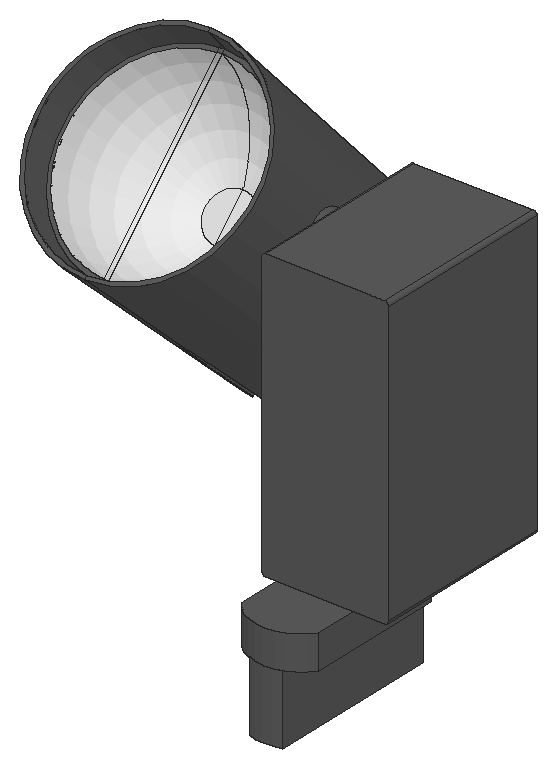
Revit family "0004839 Feilo Sylvania Lighting Fixture START TRACK SPOT S 24W 3K RA80 MB BLACK", category Lighting Fixtures, host Face, Revit 2017 (continued)
Definition of nested family "Start Track Spot Head"
  Types (96, lengths in mm): name | Wattage | built-in parameter 1150134 | Photometric Web File | Model | built-in parameter 1150105 | Lumens | built-in parameter 1150107 | built-in parameter 1150106 | HeadThickness_FEILO | HeadRibOffset_FEILO | HeadRibDepth_FEILO | HeadRibCutWidth_FEILO | HeadRibCutOffset_FEILO | HeadReflectorRadius_FEILO | HeadReflectorOffset_FEILO | HeadLEDRadius_FEILO | HeadHeight_FEILO | HeadDiffusorOffset_FEILO | HeadDiaOut_FEILO | HeadDiaIn_FEILO | HeadAxisFromTop_FEILO | Emit from Circle Diameter | built-in parameter 1150104 | Description | Apparent Load
    0004864 START TRACK SPOT S 24W 3K RA90 WB WHITE | 24 W | (empty or 0) | "0004864.ies" | "START TRACK SPOT S 24W 3K RA90 WB WHITE" | 152.79 (stored number, unit not read) | 1920 lm | 3000 (stored number, unit not read) | 1.5279 (stored number, unit not read) | 1.5 | 4.179 | 55.714 | 7.167 | 50.87 | 50.588 | 55.714 | 9.556 | 117 | 9.435 | 86 | 77.477 | 69.354 | 77.477 | 7.4322 (stored number, unit not read) | "Integrated LED spotlight, Textured White - RAL9016, compact and minimalist design, ideal for retail applications, die-cast aluminium body, passive cooling heatsink. Beam angle: 64°, color temperature: 3000K , total system power: 24W, total fixture output: 1928 lm, LOR: 100%, colour rendering: Ra: 90 typical, LED Chromaticity: 3 step MacAdam ellipse, lifetime: >50000 hours at L70B50, energy class: A++, A+, A, IR/UV free light source without heat radiation, operating voltage: 220-240V / 50-60Hz, drive current: 600mA, electronic driver, non-dimmable, power factor: 0.95, electrical protection: Class II, Global Track 3 Phase adapter suitable for Global trac 3-circuit tracks, ingress protection rating: IP20, suitable for internal environment only, horizontal rotation: 355°, vertical tilt: 90°, dimensions: Ø86x140x200, weight: 0.966kg." | 24 VA
    0004863 START TRACK SPOT S 24W 3K RA90 MB WHITE | 24 W | (empty or 0) | "0004863.ies" | "START TRACK SPOT S 24W 3K RA90 MB WHITE" | 154.7 (stored number, unit not read) | 1944 lm | 3000 (stored number, unit not read) | 1.547 (stored number, unit not read) | 1.5 | 4.179 | 55.714 | 7.167 | 50.87 | 50.588 | 55.714 | 9.556 | 117 | 9.435 | 86 | 77.477 | 69.354 | 77.477 | 7.5251 (stored number, unit not read) | "Integrated LED spotlight, Textured White - RAL9016, compact and minimalist design, ideal for retail applications, die-cast aluminium body, passive cooling heatsink. Beam angle: 36°, color temperature: 3000K , total system power: 24W, total fixture output: 1944 lm, LOR: 100%, colour rendering: Ra: 90 typical, LED Chromaticity: 3 step MacAdam ellipse, lifetime: >50000 hours at L70B50, energy class: A++, A+, A, IR/UV free light source without heat radiation, operating voltage: 220-240V / 50-60Hz, drive current: 600mA, electronic driver, non-dimmable, power factor: 0.95, electrical protection: Class II, Global Track 3 Phase adapter suitable for Global trac 3-circuit tracks, ingress protection rating: IP20, suitable for internal environment only, horizontal rotation: 355°, vertical tilt: 90°, dimensions: Ø86x140x200, weight: 0.966kg." | 24 VA
    0004862 START TRACK SPOT S 24W 3K RA90 NB WHITE | 24 W | (empty or 0) | "0004862.ies" | "START TRACK SPOT S 24W 3K RA90 NB WHITE" | 158.52 (stored number, unit not read) | 1992 lm | 3000 (stored number, unit not read) | 1.5852 (stored number, unit not read) | 1.5 | 4.179 | 55.714 | 7.167 | 50.87 | 50.588 | 55.714 | 9.556 | 117 | 9.435 | 86 | 77.477 | 69.354 | 77.477 | 7.711 (stored number, unit not read) | "Integrated LED spotlight, Textured White - RAL9016, compact and minimalist design, ideal for retail applications, die-cast aluminium body, passive cooling heatsink. Beam angle: 12°, color temperature: 3000K , total system power: 24W, total fixture output: 1987 lm, LOR: 100%, colour rendering: Ra: 90 typical, LED Chromaticity: 3 step MacAdam ellipse, lifetime: >50000 hours at L70B50, energy class: A++, A+, A, IR/UV free light source without heat radiation, operating voltage: 220-240V / 50-60Hz, drive current: 600mA, electronic driver, non-dimmable, power factor: 0.95, electrical protection: Class II, Global Track 3 Phase adapter suitable for Global trac 3-circuit tracks, ingress protection rating: IP20, suitable for internal environment only, horizontal rotation: 355°, vertical tilt: 90°, dimensions: Ø86x140x200, weight: 0.966kg." | 24 VA
    0004861 START TRACK SPOT S 14W 3K RA90 WB WHITE | 14 W | (empty or 0) | "0004861.ies" | "START TRACK SPOT S 14W 3K RA90 WB WHITE" | 100.27 (stored number, unit not read) | 1260 lm | 3000 (stored number, unit not read) | 1.0027 (stored number, unit not read) | 1.5 | 4.179 | 55.714 | 7.167 | 50.87 | 50.588 | 55.714 | 9.556 | 117 | 9.435 | 86 | 77.477 | 69.354 | 77.477 | 8.3613 (stored number, unit not read) | "Integrated LED spotlight, Textured White - RAL9016, compact and minimalist design, ideal for retail applications, die-cast aluminium body, passive cooling heatsink. Beam angle: 64°, color temperature: 3000K , total system power: 14W, total fixture output: 1262 lm, LOR: 100%, colour rendering: Ra: 90 typical, LED Chromaticity: 3 step MacAdam ellipse, lifetime: >50000 hours at L70B50, energy class: A++, A+, A, IR/UV free light source without heat radiation, operating voltage: 220-240V / 50-60Hz, drive current: 350mA, electronic driver, non-dimmable, power factor: 0.92, electrical protection: Class II, Global Track 3 Phase adapter suitable for Global trac 3-circuit tracks, ingress protection rating: IP20, suitable for internal environment only, horizontal rotation: 355°, vertical tilt: 90°, dimensions: Ø86x140x200, weight: 0.940kg." | 14 VA
    0004860 START TRACK SPOT S 14W 3K RA90 MB WHITE | 14 W | (empty or 0) | "0004860.ies" | "START TRACK SPOT S 14W 3K RA90 MB WHITE" | 100.27 (stored number, unit not read) | 1260 lm | 3000 (stored number, unit not read) | 1.0027 (stored number, unit not read) | 1.5 | 4.179 | 55.714 | 7.167 | 50.87 | 50.588 | 55.714 | 9.556 | 117 | 9.435 | 86 | 77.477 | 69.354 | 77.477 | 8.3613 (stored number, unit not read) | "Integrated LED spotlight, Textured White - RAL9016, compact and minimalist design, ideal for retail applications, die-cast aluminium body, passive cooling heatsink. Beam angle: 36°, color temperature: 3000K , total system power: 14W, total fixture output: 1262 lm, LOR: 100%, colour rendering: Ra: 90 typical, LED Chromaticity: 3 step MacAdam ellipse, lifetime: >50000 hours at L70B50, energy class: A++, A+, A, IR/UV free light source without heat radiation, operating voltage: 220-240V / 50-60Hz, drive current: 350mA, electronic driver, non-dimmable, power factor: 0.92, electrical protection: Class II, Global Track 3 Phase adapter suitable for Global trac 3-circuit tracks, ingress protection rating: IP20, suitable for internal environment only, horizontal rotation: 355°, vertical tilt: 90°, dimensions: Ø86x140x200, weight: 0.940kg." | 14 VA
    0004859 START TRACK SPOT S 14W 3K RA90 NB WHITE | 14 W | (empty or 0) | "0004859.ies" | "START TRACK SPOT S 14W 3K RA90 NB WHITE" | 102.5 (stored number, unit not read) | 1288 lm | 3000 (stored number, unit not read) | 1.025 (stored number, unit not read) | 1.5 | 4.179 | 55.714 | 7.167 | 50.87 | 50.588 | 55.714 | 9.556 | 117 | 9.435 | 86 | 77.477 | 69.354 | 77.477 | 8.5471 (stored number, unit not read) | "Integrated LED spotlight, Textured White - RAL9016, compact and minimalist design, ideal for retail applications, die-cast aluminium body, passive cooling heatsink. Beam angle: 12°, color temperature: 3000K , total system power: 14W, total fixture output: 1284 lm, LOR: 100%, colour rendering: Ra: 90 typical, LED Chromaticity: 3 step MacAdam ellipse, lifetime: >50000 hours at L70B50, energy class: A++, A+, A, IR/UV free light source without heat radiation, operating voltage: 220-240V / 50-60Hz, drive current: 350mA, electronic driver, non-dimmable, power factor: 0.92, electrical protection: Class II, Global Track 3 Phase adapter suitable for Global trac 3-circuit tracks, ingress protection rating: IP20, suitable for internal environment only, horizontal rotation: 355°, vertical tilt: 90°, dimensions: Ø86x140x200, weight: 0.940kg." | 14 VA
    0004858 START TRACK SPOT L 55W 4K RA80 WB BLACK | 55 W | 12 | "0004858.ies" | "START TRACK SPOT L 55W 4K RA80 WB BLACK" | 424.55 (stored number, unit not read) | 5335 lm | 4000 (stored number, unit not read) | 4.2455 (stored number, unit not read) | 2 | 4.429 | 59.048 | 9.417 | 53.913 | 66.471 | 59.048 | 12.556 | 124 | 10 | 113 | 101.802 | 73.503 | 101.802 | 9.0116 (stored number, unit not read) | "Integrated LED spotlight, Textured Black - RAL9005, compact and minimalist design, ideal for retail applications, die-cast aluminium body, passive cooling heatsink. Beam angle: 52°, color temperature: 4000K , total system power: 55W, total fixture output: 5320 lm, LOR: 100%, colour rendering: Ra: 80 typical, LED Chromaticity: 3 step MacAdam ellipse, lifetime: >50000 hours at L70B50, energy class: A++, A+, A, IR/UV free light source without heat radiation, operating voltage: 220-240V / 50-60Hz, drive current: 1400mA, electronic driver, non-dimmable, power factor: 0.96, electrical protection: Class II, Global Track 3 Phase adapter suitable for Global trac 3-circuit tracks, ingress protection rating: IP20, suitable for internal environment only, horizontal rotation: 355°, vertical tilt: 90°, dimensions: Ø113x164x240, weight: 1.398kg." | 55 VA
    0004857 START TRACK SPOT L 55W 4K RA80 MB BLACK | 55 W | 12 | "0004857.ies" | "START TRACK SPOT L 55W 4K RA80 MB BLACK" | 428.92 (stored number, unit not read) | 5390 lm | 4000 (stored number, unit not read) | 4.2892 (stored number, unit not read) | 2 | 4.429 | 59.048 | 9.417 | 53.913 | 66.471 | 59.048 | 12.556 | 124 | 10 | 113 | 101.802 | 73.503 | 101.802 | 9.1045 (stored number, unit not read) | "Integrated LED spotlight, Textured Black - RAL9005, compact and minimalist design, ideal for retail applications, die-cast aluminium body, passive cooling heatsink. Beam angle: 38°, color temperature: 4000K , total system power: 55W, total fixture output: 5378 lm, LOR: 100%, colour rendering: Ra: 80 typical, LED Chromaticity: 3 step MacAdam ellipse, lifetime: >50000 hours at L70B50, energy class: A++, A+, A, IR/UV free light source without heat radiation, operating voltage: 220-240V / 50-60Hz, drive current: 1400mA, electronic driver, non-dimmable, power factor: 0.96, electrical protection: Class II, Global Track 3 Phase adapter suitable for Global trac 3-circuit tracks, ingress protection rating: IP20, suitable for internal environment only, horizontal rotation: 355°, vertical tilt: 90°, dimensions: Ø113x164x240, weight: 1.398kg." | 55 VA
    0004856 START TRACK SPOT L 55W 4K RA80 NB BLACK | 55 W | 12 | "0004856.ies" | "START TRACK SPOT L 55W 4K RA80 NB BLACK" | 433.3 (stored number, unit not read) | 5445 lm | 4000 (stored number, unit not read) | 4.333 (stored number, unit not read) | 2 | 4.429 | 59.048 | 9.417 | 53.913 | 66.471 | 59.048 | 12.556 | 124 | 10 | 113 | 101.802 | 73.503 | 101.802 | 9.1974 (stored number, unit not read) | "Integrated LED spotlight, Textured Black - RAL9005, compact and minimalist design, ideal for retail applications, die-cast aluminium body, passive cooling heatsink. Beam angle: 15°, color temperature: 4000K , total system power: 55W, total fixture output: 5426 lm, LOR: 100%, colour rendering: Ra: 80 typical, LED Chromaticity: 3 step MacAdam ellipse, lifetime: >50000 hours at L70B50, energy class: A++, A+, A, IR/UV free light source without heat radiation, operating voltage: 220-240V / 50-60Hz, drive current: 1400mA, electronic driver, non-dimmable, power factor: 0.96, electrical protection: Class II, Global Track 3 Phase adapter suitable for Global trac 3-circuit tracks, ingress protection rating: IP20, suitable for internal environment only, horizontal rotation: 355°, vertical tilt: 90°, dimensions: Ø113x164x240, weight: 1.398kg." | 55 VA
    0004855 START TRACK SPOT L 35W 4K RA80 WB BLACK | 35 W | 12 | "0004855.ies" | "START TRACK SPOT L 35W 4K RA80 WB BLACK" | 320.3 (stored number, unit not read) | 4025 lm | 4000 (stored number, unit not read) | 3.203 (stored number, unit not read) | 2 | 4.429 | 59.048 | 9.417 | 53.913 | 66.471 | 59.048 | 12.556 | 124 | 10 | 113 | 101.802 | 73.503 | 101.802 | 10.684 (stored number, unit not read) | "Integrated LED spotlight, Textured Black - RAL9005, compact and minimalist design, ideal for retail applications, die-cast aluminium body, passive cooling heatsink. Beam angle: 52°, color temperature: 4000K , total system power: 35W, total fixture output: 4010 lm, LOR: 100%, colour rendering: Ra: 80 typical, LED Chromaticity: 3 step MacAdam ellipse, lifetime: >50000 hours at L70B50, energy class: A++, A+, A, IR/UV free light source without heat radiation, operating voltage: 220-240V / 50-60Hz, drive current: 900mA, electronic driver, non-dimmable, power factor: 0.93, electrical protection: Class II, Global Track 3 Phase adapter suitable for Global trac 3-circuit tracks, ingress protection rating: IP20, suitable for internal environment only, horizontal rotation: 355°, vertical tilt: 90°, dimensions: Ø113x164x240, weight: 1.368kg." | 35 VA
    0004854 START TRACK SPOT L 35W 4K RA80 MB BLACK | 35 W | 12 | "0004854.ies" | "START TRACK SPOT L 35W 4K RA80 MB BLACK" | 320.3 (stored number, unit not read) | 4025 lm | 4000 (stored number, unit not read) | 3.203 (stored number, unit not read) | 2 | 4.429 | 59.048 | 9.417 | 53.913 | 66.471 | 59.048 | 12.556 | 124 | 10 | 113 | 101.802 | 73.503 | 101.802 | 10.684 (stored number, unit not read) | "Integrated LED spotlight, Textured Black - RAL9005, compact and minimalist design, ideal for retail applications, die-cast aluminium body, passive cooling heatsink. Beam angle: 38°, color temperature: 4000K , total system power: 35W, total fixture output: 4017 lm, LOR: 100%, colour rendering: Ra: 80 typical, LED Chromaticity: 3 step MacAdam ellipse, lifetime: >50000 hours at L70B50, energy class: A++, A+, A, IR/UV free light source without heat radiation, operating voltage: 220-240V / 50-60Hz, drive current: 900mA, electronic driver, non-dimmable, power factor: 0.93, electrical protection: Class II, Global Track 3 Phase adapter suitable for Global trac 3-circuit tracks, ingress protection rating: IP20, suitable for internal environment only, horizontal rotation: 355°, vertical tilt: 90°, dimensions: Ø113x164x240, weight: 1.368kg." | 35 VA
    0004853 START TRACK SPOT L 35W 4K RA80 NB BLACK | 35 W | 12 | "0004853.ies" | "START TRACK SPOT L 35W 4K RA80 NB BLACK" | 331.44 (stored number, unit not read) | 4165 lm | 4000 (stored number, unit not read) | 3.3144 (stored number, unit not read) | 2 | 4.429 | 59.048 | 9.417 | 53.913 | 66.471 | 59.048 | 12.556 | 124 | 10 | 113 | 101.802 | 73.503 | 101.802 | 11.055 (stored number, unit not read) | "Integrated LED spotlight, Textured Black - RAL9005, compact and minimalist design, ideal for retail applications, die-cast aluminium body, passive cooling heatsink. Beam angle: 15°, color temperature: 4000K , total system power: 35W, total fixture output: 4174 lm, LOR: 100%, colour rendering: Ra: 80 typical, LED Chromaticity: 3 step MacAdam ellipse, lifetime: >50000 hours at L70B50, energy class: A++, A+, A, IR/UV free light source without heat radiation, operating voltage: 220-240V / 50-60Hz, drive current: 900mA, electronic driver, non-dimmable, power factor: 0.93, electrical protection: Class II, Global Track 3 Phase adapter suitable for Global trac 3-circuit tracks, ingress protection rating: IP20, suitable for internal environment only, horizontal rotation: 355°, vertical tilt: 90°, dimensions: Ø113x164x240, weight: 1.368kg." | 35 VA
    0004852 START TRACK SPOT S 24W 4K RA80 WB BLACK | 24 W | 12 | "0004852.ies" | "START TRACK SPOT S 24W 4K RA80 WB BLACK" | 196.72 (stored number, unit not read) | 2472 lm | 4000 (stored number, unit not read) | 1.9672 (stored number, unit not read) | 1.5 | 4.179 | 55.714 | 7.167 | 50.87 | 50.588 | 55.714 | 9.556 | 117 | 9.435 | 86 | 77.477 | 69.354 | 77.477 | 9.569 (stored number, unit not read) | "Integrated LED spotlight, Textured Black - RAL9005, compact and minimalist design, ideal for retail applications, die-cast aluminium body, passive cooling heatsink. Beam angle: 64°, color temperature: 4000K , total system power: 24W, total fixture output: 2476 lm, LOR: 100%, colour rendering: Ra: 80 typical, LED Chromaticity: 3 step MacAdam ellipse, lifetime: >50000 hours at L70B50, energy class: A++, A+, A, IR/UV free light source without heat radiation, operating voltage: 220-240V / 50-60Hz, drive current: 600mA, electronic driver, non-dimmable, power factor: 0.95, electrical protection: Class II, Global Track 3 Phase adapter suitable for Global trac 3-circuit tracks, ingress protection rating: IP20, suitable for internal environment only, horizontal rotation: 355°, vertical tilt: 90°, dimensions: Ø86x140x200, weight: 0.966kg." | 24 VA
    0004851 START TRACK SPOT S 24W 4K RA80 MB BLACK | 24 W | 12 | "0004851.ies" | "START TRACK SPOT S 24W 4K RA80 MB BLACK" | 198.63 (stored number, unit not read) | 2496 lm | 4000 (stored number, unit not read) | 1.9863 (stored number, unit not read) | 1.5 | 4.179 | 55.714 | 7.167 | 50.87 | 50.588 | 55.714 | 9.556 | 117 | 9.435 | 86 | 77.477 | 69.354 | 77.477 | 9.6619 (stored number, unit not read) | "Integrated LED spotlight, Textured Black - RAL9005, compact and minimalist design, ideal for retail applications, die-cast aluminium body, passive cooling heatsink. Beam angle: 36°, color temperature: 4000K , total system power: 24W, total fixture output: 2487 lm, LOR: 100%, colour rendering: Ra: 80 typical, LED Chromaticity: 3 step MacAdam ellipse, lifetime: >50000 hours at L70B50, energy class: A++, A+, A, IR/UV free light source without heat radiation, operating voltage: 220-240V / 50-60Hz, drive current: 600mA, electronic driver, non-dimmable, power factor: 0.95, electrical protection: Class II, Global Track 3 Phase adapter suitable for Global trac 3-circuit tracks, ingress protection rating: IP20, suitable for internal environment only, horizontal rotation: 355°, vertical tilt: 90°, dimensions: Ø86x140x200, weight: 0.966kg." | 24 VA
    0004850 START TRACK SPOT S 24W 4K RA80 NB BLACK | 24 W | 12 | "0004850.ies" | "START TRACK SPOT S 24W 4K RA80 NB BLACK" | 200.54 (stored number, unit not read) | 2520 lm | 4000 (stored number, unit not read) | 2.0054 (stored number, unit not read) | 1.5 | 4.179 | 55.714 | 7.167 | 50.87 | 50.588 | 55.714 | 9.556 | 117 | 9.435 | 86 | 77.477 | 69.354 | 77.477 | 9.7548 (stored number, unit not read) | "Integrated LED spotlight, Textured Black - RAL9005, compact and minimalist design, ideal for retail applications, die-cast aluminium body, passive cooling heatsink. Beam angle: 12°, color temperature: 4000K , total system power: 24W, total fixture output: 2529 lm, LOR: 100%, colour rendering: Ra: 80 typical, LED Chromaticity: 3 step MacAdam ellipse, lifetime: >50000 hours at L70B50, energy class: A++, A+, A, IR/UV free light source without heat radiation, operating voltage: 220-240V / 50-60Hz, drive current: 600mA, electronic driver, non-dimmable, power factor: 0.95, electrical protection: Class II, Global Track 3 Phase adapter suitable for Global trac 3-circuit tracks, ingress protection rating: IP20, suitable for internal environment only, horizontal rotation: 355°, vertical tilt: 90°, dimensions: Ø86x140x200, weight: 0.966kg." | 24 VA
    0004849 START TRACK SPOT S 14W 4K RA80 WB BLACK | 14 W | 12 | "0004849.ies" | "START TRACK SPOT S 14W 4K RA80 WB BLACK" | 123.66 (stored number, unit not read) | 1554 lm | 4000 (stored number, unit not read) | 1.2366 (stored number, unit not read) | 1.5 | 4.179 | 55.714 | 7.167 | 50.87 | 50.588 | 55.714 | 9.556 | 117 | 9.435 | 86 | 77.477 | 69.354 | 77.477 | 10.312 (stored number, unit not read) | "Integrated LED spotlight, Textured Black - RAL9005, compact and minimalist design, ideal for retail applications, die-cast aluminium body, passive cooling heatsink. Beam angle: 64°, color temperature: 4000K , total system power: 14W, total fixture output: 1558 lm, LOR: 100%, colour rendering: Ra: 80 typical, LED Chromaticity: 3 step MacAdam ellipse, lifetime: >50000 hours at L70B50, energy class: A++, A+, A, IR/UV free light source without heat radiation, operating voltage: 220-240V / 50-60Hz, drive current: 350mA, electronic driver, non-dimmable, power factor: 0.92, electrical protection: Class II, Global Track 3 Phase adapter suitable for Global trac 3-circuit tracks, ingress protection rating: IP20, suitable for internal environment only, horizontal rotation: 355°, vertical tilt: 90°, dimensions: Ø86x140x200, weight: 0.940kg." | 14 VA
    0004848 START TRACK SPOT S 14W 4K RA80 MB BLACK | 14 W | 12 | "0004848.ies" | "START TRACK SPOT S 14W 4K RA80 MB BLACK" | 127.01 (stored number, unit not read) | 1596 lm | 4000 (stored number, unit not read) | 1.2701 (stored number, unit not read) | 1.5 | 4.179 | 55.714 | 7.167 | 50.87 | 50.588 | 55.714 | 9.556 | 117 | 9.435 | 86 | 77.477 | 69.354 | 77.477 | 10.591 (stored number, unit not read) | "Integrated LED spotlight, Textured Black - RAL9005, compact and minimalist design, ideal for retail applications, die-cast aluminium body, passive cooling heatsink. Beam angle: 36°, color temperature: 4000K , total system power: 14W, total fixture output: 1598 lm, LOR: 100%, colour rendering: Ra: 80 typical, LED Chromaticity: 3 step MacAdam ellipse, lifetime: >50000 hours at L70B50, energy class: A++, A+, A, IR/UV free light source without heat radiation, operating voltage: 220-240V / 50-60Hz, drive current: 350mA, electronic driver, non-dimmable, power factor: 0.92, electrical protection: Class II, Global Track 3 Phase adapter suitable for Global trac 3-circuit tracks, ingress protection rating: IP20, suitable for internal environment only, horizontal rotation: 355°, vertical tilt: 90°, dimensions: Ø86x140x200, weight: 0.940kg." | 14 VA
    0004847 START TRACK SPOT S 14W 4K RA80 NB BLACK | 14 W | 12 | "0004847.ies" | "START TRACK SPOT S 14W 4K RA80 NB BLACK" | 128.12 (stored number, unit not read) | 1610 lm | 4000 (stored number, unit not read) | 1.2812 (stored number, unit not read) | 1.5 | 4.179 | 55.714 | 7.167 | 50.87 | 50.588 | 55.714 | 9.556 | 117 | 9.435 | 86 | 77.477 | 69.354 | 77.477 | 10.684 (stored number, unit not read) | "Integrated LED spotlight, Textured Black - RAL9005, compact and minimalist design, ideal for retail applications, die-cast aluminium body, passive cooling heatsink. Beam angle: 12°, color temperature: 4000K , total system power: 14W, total fixture output: 1608 lm, LOR: 100%, colour rendering: Ra: 80 typical, LED Chromaticity: 3 step MacAdam ellipse, lifetime: >50000 hours at L70B50, energy class: A++, A+, A, IR/UV free light source without heat radiation, operating voltage: 220-240V / 50-60Hz, drive current: 350mA, electronic driver, non-dimmable, power factor: 0.92, electrical protection: Class II, Global Track 3 Phase adapter suitable for Global trac 3-circuit tracks, ingress protection rating: IP20, suitable for internal environment only, horizontal rotation: 355°, vertical tilt: 90°, dimensions: Ø86x140x200, weight: 0.940kg." | 14 VA
    0004846 START TRACK SPOT L 55W 3K RA80 WB BLACK | 55 W | (empty or 0) | "0004846.ies" | "START TRACK SPOT L 55W 3K RA80 WB BLACK" | 420.17 (stored number, unit not read) | 5280 lm | 3000 (stored number, unit not read) | 4.2017 (stored number, unit not read) | 2 | 4.429 | 59.048 | 9.417 | 53.913 | 66.471 | 59.048 | 12.556 | 124 | 10 | 113 | 101.802 | 73.503 | 101.802 | 8.9187 (stored number, unit not read) | "Integrated LED spotlight, Textured Black - RAL9005, compact and minimalist design, ideal for retail applications, die-cast aluminium body, passive cooling heatsink. Beam angle: 52°, color temperature: 3000K , total system power: 55W, total fixture output: 5298 lm, LOR: 100%, colour rendering: Ra: 80 typical, LED Chromaticity: 3 step MacAdam ellipse, lifetime: >50000 hours at L70B50, energy class: A++, A+, A, IR/UV free light source without heat radiation, operating voltage: 220-240V / 50-60Hz, drive current: 1400mA, electronic driver, non-dimmable, power factor: 0.96, electrical protection: Class II, Global Track 3 Phase adapter suitable for Global trac 3-circuit tracks, ingress protection rating: IP20, suitable for internal environment only, horizontal rotation: 355°, vertical tilt: 90°, dimensions: Ø113x164x240, weight: 1.398kg." | 55 VA
    0004845 START TRACK SPOT L 55W 3K RA80 MB BLACK | 55 W | (empty or 0) | "0004845.ies" | "START TRACK SPOT L 55W 3K RA80 MB BLACK" | 428.92 (stored number, unit not read) | 5390 lm | 3000 (stored number, unit not read) | 4.2892 (stored number, unit not read) | 2 | 4.429 | 59.048 | 9.417 | 53.913 | 66.471 | 59.048 | 12.556 | 124 | 10 | 113 | 101.802 | 73.503 | 101.802 | 9.1045 (stored number, unit not read) | "Integrated LED spotlight, Textured Black - RAL9005, compact and minimalist design, ideal for retail applications, die-cast aluminium body, passive cooling heatsink. Beam angle: 38°, color temperature: 3000K , total system power: 55W, total fixture output: 5381 lm, LOR: 100%, colour rendering: Ra: 80 typical, LED Chromaticity: 3 step MacAdam ellipse, lifetime: >50000 hours at L70B50, energy class: A++, A+, A, IR/UV free light source without heat radiation, operating voltage: 220-240V / 50-60Hz, drive current: 1400mA, electronic driver, non-dimmable, power factor: 0.96, electrical protection: Class II, Global Track 3 Phase adapter suitable for Global trac 3-circuit tracks, ingress protection rating: IP20, suitable for internal environment only, horizontal rotation: 355°, vertical tilt: 90°, dimensions: Ø113x164x240, weight: 1.398kg." | 55 VA
    0004844 START TRACK SPOT L 55W 3K RA80 NB BLACK | 55 W | (empty or 0) | "0004844.ies" | "START TRACK SPOT L 55W 3K RA80 NB BLACK" | 433.3 (stored number, unit not read) | 5445 lm | 3000 (stored number, unit not read) | 4.333 (stored number, unit not read) | 2 | 4.429 | 59.048 | 9.417 | 53.913 | 66.471 | 59.048 | 12.556 | 124 | 10 | 113 | 101.802 | 73.503 | 101.802 | 9.1974 (stored number, unit not read) | "Integrated LED spotlight, Textured Black - RAL9005, compact and minimalist design, ideal for retail applications, die-cast aluminium body, passive cooling heatsink. Beam angle: 15°, color temperature: 3000K , total system power: 55W, total fixture output: 5449 lm, LOR: 100%, colour rendering: Ra: 80 typical, LED Chromaticity: 3 step MacAdam ellipse, lifetime: >50000 hours at L70B50, energy class: A++, A+, A, IR/UV free light source without heat radiation, operating voltage: 220-240V / 50-60Hz, drive current: 1400mA, electronic driver, non-dimmable, power factor: 0.96, electrical protection: Class II, Global Track 3 Phase adapter suitable for Global trac 3-circuit tracks, ingress protection rating: IP20, suitable for internal environment only, horizontal rotation: 355°, vertical tilt: 90°, dimensions: Ø113x164x240, weight: 1.398kg." | 55 VA
    0004843 START TRACK SPOT L 35W 3K RA80 WB BLACK | 35 W | (empty or 0) | "0004843.ies" | "START TRACK SPOT L 35W 3K RA80 WB BLACK" | 314.73 (stored number, unit not read) | 3955 lm | 3000 (stored number, unit not read) | 3.1473 (stored number, unit not read) | 2 | 4.429 | 59.048 | 9.417 | 53.913 | 66.471 | 59.048 | 12.556 | 124 | 10 | 113 | 101.802 | 73.503 | 101.802 | 10.498 (stored number, unit not read) | "Integrated LED spotlight, Textured Black - RAL9005, compact and minimalist design, ideal for retail applications, die-cast aluminium body, passive cooling heatsink. Beam angle: 52°, color temperature: 3000K , total system power: 35W, total fixture output: 3943 lm, LOR: 100%, colour rendering: Ra: 80 typical, LED Chromaticity: 3 step MacAdam ellipse, lifetime: >50000 hours at L70B50, energy class: A++, A+, A, IR/UV free light source without heat radiation, operating voltage: 220-240V / 50-60Hz, drive current: 900mA, electronic driver, non-dimmable, power factor: 0.93, electrical protection: Class II, Global Track 3 Phase adapter suitable for Global trac 3-circuit tracks, ingress protection rating: IP20, suitable for internal environment only, horizontal rotation: 355°, vertical tilt: 90°, dimensions: Ø113x164x240, weight: 1.368kg." | 35 VA
    0004842 START TRACK SPOT L 35W 3K RA80 MB BLACK | 35 W | (empty or 0) | "0004842.ies" | "START TRACK SPOT L 35W 3K RA80 MB BLACK" | 320.3 (stored number, unit not read) | 4025 lm | 3000 (stored number, unit not read) | 3.203 (stored number, unit not read) | 2 | 4.429 | 59.048 | 9.417 | 53.913 | 66.471 | 59.048 | 12.556 | 124 | 10 | 113 | 101.802 | 73.503 | 101.802 | 10.684 (stored number, unit not read) | "Integrated LED spotlight, Textured Black - RAL9005, compact and minimalist design, ideal for retail applications, die-cast aluminium body, passive cooling heatsink. Beam angle: 38°, color temperature: 3000K , total system power: 35W, total fixture output: 4008 lm, LOR: 100%, colour rendering: Ra: 80 typical, LED Chromaticity: 3 step MacAdam ellipse, lifetime: >50000 hours at L70B50, energy class: A++, A+, A, IR/UV free light source without heat radiation, operating voltage: 220-240V / 50-60Hz, drive current: 900mA, electronic driver, non-dimmable, power factor: 0.93, electrical protection: Class II, Global Track 3 Phase adapter suitable for Global trac 3-circuit tracks, ingress protection rating: IP20, suitable for internal environment only, horizontal rotation: 355°, vertical tilt: 90°, dimensions: Ø113x164x240, weight: 1.368kg." | 35 VA
    0004841 START TRACK SPOT L 35W 3K RA80 NB BLACK | 35 W | (empty or 0) | "0004841.ies" | "START TRACK SPOT L 35W 3K RA80 NB BLACK" | 317.51 (stored number, unit not read) | 3990 lm | 3000 (stored number, unit not read) | 3.1751 (stored number, unit not read) | 2 | 4.429 | 59.048 | 9.417 | 53.913 | 66.471 | 59.048 | 12.556 | 124 | 10 | 113 | 101.802 | 73.503 | 101.802 | 10.591 (stored number, unit not read) | "Integrated LED spotlight, Textured Black - RAL9005, compact and minimalist design, ideal for retail applications, die-cast aluminium body, passive cooling heatsink. Beam angle: 15°, color temperature: 3000K , total system power: 35W, total fixture output: 4005 lm, LOR: 100%, colour rendering: Ra: 80 typical, LED Chromaticity: 3 step MacAdam ellipse, lifetime: >50000 hours at L70B50, energy class: A++, A+, A, IR/UV free light source without heat radiation, operating voltage: 220-240V / 50-60Hz, drive current: 900mA, electronic driver, non-dimmable, power factor: 0.93, electrical protection: Class II, Global Track 3 Phase adapter suitable for Global trac 3-circuit tracks, ingress protection rating: IP20, suitable for internal environment only, horizontal rotation: 355°, vertical tilt: 90°, dimensions: Ø113x164x240, weight: 1.368kg." | 35 VA
    0004840 START TRACK SPOT S 24W 3K RA80 WB BLACK | 24 W | (empty or 0) | "0004840.ies" | "START TRACK SPOT S 24W 3K RA80 WB BLACK" | 185.26 (stored number, unit not read) | 2328 lm | 3000 (stored number, unit not read) | 1.8526 (stored number, unit not read) | 1.5 | 4.179 | 55.714 | 7.167 | 50.87 | 50.588 | 55.714 | 9.556 | 117 | 9.435 | 86 | 77.477 | 69.354 | 77.477 | 9.0116 (stored number, unit not read) | "Integrated LED spotlight, Textured Black - RAL9005, compact and minimalist design, ideal for retail applications, die-cast aluminium body, passive cooling heatsink. Beam angle: 64°, color temperature: 3000K , total system power: 24W, total fixture output: 2318 lm, LOR: 100%, colour rendering: Ra: 80 typical, LED Chromaticity: 3 step MacAdam ellipse, lifetime: >50000 hours at L70B50, energy class: A++, A+, A, IR/UV free light source without heat radiation, operating voltage: 220-240V / 50-60Hz, drive current: 600mA, electronic driver, non-dimmable, power factor: 0.95, electrical protection: Class II, Global Track 3 Phase adapter suitable for Global trac 3-circuit tracks, ingress protection rating: IP20, suitable for internal environment only, horizontal rotation: 355°, vertical tilt: 90°, dimensions: Ø86x140x200, weight: 0.966kg." | 24 VA
    0004839 START TRACK SPOT S 24W 3K RA80 MB BLACK | 24 W | (empty or 0) | "0004839.ies" | "START TRACK SPOT S 24W 3K RA80 MB BLACK" | 183.35 (stored number, unit not read) | 2304 lm | 3000 (stored number, unit not read) | 1.8335 (stored number, unit not read) | 1.5 | 4.179 | 55.714 | 7.167 | 50.87 | 50.588 | 55.714 | 9.556 | 117 | 9.435 | 86 | 77.477 | 69.354 | 77.477 | 8.9187 (stored number, unit not read) | "Integrated LED spotlight, Textured Black - RAL9005, compact and minimalist design, ideal for retail applications, die-cast aluminium body, passive cooling heatsink. Beam angle: 36°, color temperature: 3000K , total system power: 24W, total fixture output: 2314 lm, LOR: 100%, colour rendering: Ra: 80 typical, LED Chromaticity: 3 step MacAdam ellipse, lifetime: >50000 hours at L70B50, energy class: A++, A+, A, IR/UV free light source without heat radiation, operating voltage: 220-240V / 50-60Hz, drive current: 600mA, electronic driver, non-dimmable, power factor: 0.95, electrical protection: Class II, Global Track 3 Phase adapter suitable for Global trac 3-circuit tracks, ingress protection rating: IP20, suitable for internal environment only, horizontal rotation: 355°, vertical tilt: 90°, dimensions: Ø86x140x200, weight: 0.966kg." | 24 VA
    0004838 START TRACK SPOT S 24W 3K RA80 NB BLACK | 24 W | (empty or 0) | "0004838.ies" | "START TRACK SPOT S 24W 3K RA80 NB BLACK" | 185.26 (stored number, unit not read) | 2328 lm | 3000 (stored number, unit not read) | 1.8526 (stored number, unit not read) | 1.5 | 4.179 | 55.714 | 7.167 | 50.87 | 50.588 | 55.714 | 9.556 | 117 | 9.435 | 86 | 77.477 | 69.354 | 77.477 | 9.0116 (stored number, unit not read) | "Integrated LED spotlight, Textured Black - RAL9005, compact and minimalist design, ideal for retail applications, die-cast aluminium body, passive cooling heatsink. Beam angle: 12°, color temperature: 3000K , total system power: 24W, total fixture output: 2334 lm, LOR: 100%, colour rendering: Ra: 80 typical, LED Chromaticity: 3 step MacAdam ellipse, lifetime: >50000 hours at L70B50, energy class: A++, A+, A, IR/UV free light source without heat radiation, operating voltage: 220-240V / 50-60Hz, drive current: 600mA, electronic driver, non-dimmable, power factor: 0.95, electrical protection: Class II, Global Track 3 Phase adapter suitable for Global trac 3-circuit tracks, ingress protection rating: IP20, suitable for internal environment only, horizontal rotation: 355°, vertical tilt: 90°, dimensions: Ø86x140x200, weight: 0.966kg." | 24 VA
    0004837 START TRACK SPOT S 14W 3K RA80 WB BLACK | 14 W | (empty or 0) | "0004837.ies" | "START TRACK SPOT S 14W 3K RA80 WB BLACK" | 119.21 (stored number, unit not read) | 1498 lm | 3000 (stored number, unit not read) | 1.1921 (stored number, unit not read) | 1.5 | 4.179 | 55.714 | 7.167 | 50.87 | 50.588 | 55.714 | 9.556 | 117 | 9.435 | 86 | 77.477 | 69.354 | 77.477 | 9.9406 (stored number, unit not read) | "Integrated LED spotlight, Textured Black - RAL9005, compact and minimalist design, ideal for retail applications, die-cast aluminium body, passive cooling heatsink. Beam angle: 64°, color temperature: 3000K , total system power: 14W, total fixture output: 1498 lm, LOR: 100%, colour rendering: Ra: 80 typical, LED Chromaticity: 3 step MacAdam ellipse, lifetime: >50000 hours at L70B50, energy class: A++, A+, A, IR/UV free light source without heat radiation, operating voltage: 220-240V / 50-60Hz, drive current: 350mA, electronic driver, non-dimmable, power factor: 0.92, electrical protection: Class II, Global Track 3 Phase adapter suitable for Global trac 3-circuit tracks, ingress protection rating: IP20, suitable for internal environment only, horizontal rotation: 355°, vertical tilt: 90°, dimensions: Ø86x140x200, weight: 0.940kg." | 14 VA
    0004836 START TRACK SPOT S 14W 3K RA80 MB BLACK | 14 W | (empty or 0) | "0004836.ies" | "START TRACK SPOT S 14W 3K RA80 MB BLACK" | 120.32 (stored number, unit not read) | 1512 lm | 3000 (stored number, unit not read) | 1.2032 (stored number, unit not read) | 1.5 | 4.179 | 55.714 | 7.167 | 50.87 | 50.588 | 55.714 | 9.556 | 117 | 9.435 | 86 | 77.477 | 69.354 | 77.477 | 10.034 (stored number, unit not read) | "Integrated LED spotlight, Textured Black - RAL9005, compact and minimalist design, ideal for retail applications, die-cast aluminium body, passive cooling heatsink. Beam angle: 36°, color temperature: 3000K , total system power: 14W, total fixture output: 1508 lm, LOR: 100%, colour rendering: Ra: 80 typical, LED Chromaticity: 3 step MacAdam ellipse, lifetime: >50000 hours at L70B50, energy class: A++, A+, A, IR/UV free light source without heat radiation, operating voltage: 220-240V / 50-60Hz, drive current: 350mA, electronic driver, non-dimmable, power factor: 0.92, electrical protection: Class II, Global Track 3 Phase adapter suitable for Global trac 3-circuit tracks, ingress protection rating: IP20, suitable for internal environment only, horizontal rotation: 355°, vertical tilt: 90°, dimensions: Ø86x140x200, weight: 0.940kg." | 14 VA
    0004835 START TRACK SPOT S 14W 3K RA80 NB BLACK | 14 W | (empty or 0) | "0004835.ies" | "START TRACK SPOT S 14W 3K RA80 NB BLACK" | 123.66 (stored number, unit not read) | 1554 lm | 3000 (stored number, unit not read) | 1.2366 (stored number, unit not read) | 1.5 | 4.179 | 55.714 | 7.167 | 50.87 | 50.588 | 55.714 | 9.556 | 117 | 9.435 | 86 | 77.477 | 69.354 | 77.477 | 10.312 (stored number, unit not read) | "Integrated LED spotlight, Textured Black - RAL9005, compact and minimalist design, ideal for retail applications, die-cast aluminium body, passive cooling heatsink. Beam angle: 12°, color temperature: 3000K , total system power: 14W, total fixture output: 1551 lm, LOR: 100%, colour rendering: Ra: 80 typical, LED Chromaticity: 3 step MacAdam ellipse, lifetime: >50000 hours at L70B50, energy class: A++, A+, A, IR/UV free light source without heat radiation, operating voltage: 220-240V / 50-60Hz, drive current: 350mA, electronic driver, non-dimmable, power factor: 0.92, electrical protection: Class II, Global Track 3 Phase adapter suitable for Global trac 3-circuit tracks, ingress protection rating: IP20, suitable for internal environment only, horizontal rotation: 355°, vertical tilt: 90°, dimensions: Ø86x140x200, weight: 0.940kg." | 14 VA
    0004834 START TRACK SPOT L 55W 4K RA80 WB WHITE | 55 W | 12 | "0004834.ies" | "START TRACK SPOT L 55W 4K RA80 WB WHITE" | 424.55 (stored number, unit not read) | 5335 lm | 4000 (stored number, unit not read) | 4.2455 (stored number, unit not read) | 2 | 4.429 | 59.048 | 9.417 | 53.913 | 66.471 | 59.048 | 12.556 | 124 | 10 | 113 | 101.802 | 73.503 | 101.802 | 9.0116 (stored number, unit not read) | "Integrated LED spotlight, Textured White - RAL9016, compact and minimalist design, ideal for retail applications, die-cast aluminium body, passive cooling heatsink. Beam angle: 52°, color temperature: 4000K , total system power: 55W, total fixture output: 5320 lm, LOR: 100%, colour rendering: Ra: 80 typical, LED Chromaticity: 3 step MacAdam ellipse, lifetime: >50000 hours at L70B50, energy class: A++, A+, A, IR/UV free light source without heat radiation, operating voltage: 220-240V / 50-60Hz, drive current: 1400mA, electronic driver, non-dimmable, power factor: 0.96, electrical protection: Class II, Global Track 3 Phase adapter suitable for Global trac 3-circuit tracks, ingress protection rating: IP20, suitable for internal environment only, horizontal rotation: 355°, vertical tilt: 90°, dimensions: Ø113x164x240, weight: 1.398kg." | 55 VA
    0004833 START TRACK SPOT L 55W 4K RA80 MB WHITE | 55 W | 12 | "0004833.ies" | "START TRACK SPOT L 55W 4K RA80 MB WHITE" | 428.92 (stored number, unit not read) | 5390 lm | 4000 (stored number, unit not read) | 4.2892 (stored number, unit not read) | 2 | 4.429 | 59.048 | 9.417 | 53.913 | 66.471 | 59.048 | 12.556 | 124 | 10 | 113 | 101.802 | 73.503 | 101.802 | 9.1045 (stored number, unit not read) | "Integrated LED spotlight, Textured White - RAL9016, compact and minimalist design, ideal for retail applications, die-cast aluminium body, passive cooling heatsink. Beam angle: 38°, color temperature: 4000K , total system power: 55W, total fixture output: 5378 lm, LOR: 100%, colour rendering: Ra: 80 typical, LED Chromaticity: 3 step MacAdam ellipse, lifetime: >50000 hours at L70B50, energy class: A++, A+, A, IR/UV free light source without heat radiation, operating voltage: 220-240V / 50-60Hz, drive current: 1400mA, electronic driver, non-dimmable, power factor: 0.96, electrical protection: Class II, Global Track 3 Phase adapter suitable for Global trac 3-circuit tracks, ingress protection rating: IP20, suitable for internal environment only, horizontal rotation: 355°, vertical tilt: 90°, dimensions: Ø113x164x240, weight: 1.398kg." | 55 VA
    0004832 START TRACK SPOT L 55W 4K RA80 NB WHITE | 55 W | 12 | "0004832.ies" | "START TRACK SPOT L 55W 4K RA80 NB WHITE" | 433.3 (stored number, unit not read) | 5445 lm | 4000 (stored number, unit not read) | 4.333 (stored number, unit not read) | 2 | 4.429 | 59.048 | 9.417 | 53.913 | 66.471 | 59.048 | 12.556 | 124 | 10 | 113 | 101.802 | 73.503 | 101.802 | 9.1974 (stored number, unit not read) | "Integrated LED spotlight, Textured White - RAL9016, compact and minimalist design, ideal for retail applications, die-cast aluminium body, passive cooling heatsink. Beam angle: 15°, color temperature: 4000K , total system power: 55W, total fixture output: 5426 lm, LOR: 100%, colour rendering: Ra: 80 typical, LED Chromaticity: 3 step MacAdam ellipse, lifetime: >50000 hours at L70B50, energy class: A++, A+, A, IR/UV free light source without heat radiation, operating voltage: 220-240V / 50-60Hz, drive current: 1400mA, electronic driver, non-dimmable, power factor: 0.96, electrical protection: Class II, Global Track 3 Phase adapter suitable for Global trac 3-circuit tracks, ingress protection rating: IP20, suitable for internal environment only, horizontal rotation: 355°, vertical tilt: 90°, dimensions: Ø113x164x240, weight: 1.398kg." | 55 VA
    0004831 START TRACK SPOT L 35W 4K RA80 WB WHITE | 35 W | 12 | "0004831.ies" | "START TRACK SPOT L 35W 4K RA80 WB WHITE" | 320.3 (stored number, unit not read) | 4025 lm | 4000 (stored number, unit not read) | 3.203 (stored number, unit not read) | 2 | 4.429 | 59.048 | 9.417 | 53.913 | 66.471 | 59.048 | 12.556 | 124 | 10 | 113 | 101.802 | 73.503 | 101.802 | 10.684 (stored number, unit not read) | "Integrated LED spotlight, Textured White - RAL9016, compact and minimalist design, ideal for retail applications, die-cast aluminium body, passive cooling heatsink. Beam angle: 52°, color temperature: 4000K , total system power: 35W, total fixture output: 4010 lm, LOR: 100%, colour rendering: Ra: 80 typical, LED Chromaticity: 3 step MacAdam ellipse, lifetime: >50000 hours at L70B50, energy class: A++, A+, A, IR/UV free light source without heat radiation, operating voltage: 220-240V / 50-60Hz, drive current: 900mA, electronic driver, non-dimmable, power factor: 0.93, electrical protection: Class II, Global Track 3 Phase adapter suitable for Global trac 3-circuit tracks, ingress protection rating: IP20, suitable for internal environment only, horizontal rotation: 355°, vertical tilt: 90°, dimensions: Ø113x164x240, weight: 1.368kg." | 35 VA
    0004830 START TRACK SPOT L 35W 4K RA80 MB WHITE | 35 W | 12 | "0004830.ies" | "START TRACK SPOT L 35W 4K RA80 MB WHITE" | 320.3 (stored number, unit not read) | 4025 lm | 4000 (stored number, unit not read) | 3.203 (stored number, unit not read) | 2 | 4.429 | 59.048 | 9.417 | 53.913 | 66.471 | 59.048 | 12.556 | 124 | 10 | 113 | 101.802 | 73.503 | 101.802 | 10.684 (stored number, unit not read) | "Integrated LED spotlight, Textured White - RAL9016, compact and minimalist design, ideal for retail applications, die-cast aluminium body, passive cooling heatsink. Beam angle: 38°, color temperature: 4000K , total system power: 35W, total fixture output: 4017 lm, LOR: 100%, colour rendering: Ra: 80 typical, LED Chromaticity: 3 step MacAdam ellipse, lifetime: >50000 hours at L70B50, energy class: A++, A+, A, IR/UV free light source without heat radiation, operating voltage: 220-240V / 50-60Hz, drive current: 900mA, electronic driver, non-dimmable, power factor: 0.93, electrical protection: Class II, Global Track 3 Phase adapter suitable for Global trac 3-circuit tracks, ingress protection rating: IP20, suitable for internal environment only, horizontal rotation: 355°, vertical tilt: 90°, dimensions: Ø113x164x240, weight: 1.368kg." | 35 VA
    0004829 START TRACK SPOT L 35W 4K RA80 NB WHITE | 35 W | 12 | "0004829.ies" | "START TRACK SPOT L 35W 4K RA80 NB WHITE" | 331.44 (stored number, unit not read) | 4165 lm | 4000 (stored number, unit not read) | 3.3144 (stored number, unit not read) | 2 | 4.429 | 59.048 | 9.417 | 53.913 | 66.471 | 59.048 | 12.556 | 124 | 10 | 113 | 101.802 | 73.503 | 101.802 | 11.055 (stored number, unit not read) | "Integrated LED spotlight, Textured White - RAL9016, compact and minimalist design, ideal for retail applications, die-cast aluminium body, passive cooling heatsink. Beam angle: 15°, color temperature: 4000K , total system power: 35W, total fixture output: 4174 lm, LOR: 100%, colour rendering: Ra: 80 typical, LED Chromaticity: 3 step MacAdam ellipse, lifetime: >50000 hours at L70B50, energy class: A++, A+, A, IR/UV free light source without heat radiation, operating voltage: 220-240V / 50-60Hz, drive current: 900mA, electronic driver, non-dimmable, power factor: 0.93, electrical protection: Class II, Global Track 3 Phase adapter suitable for Global trac 3-circuit tracks, ingress protection rating: IP20, suitable for internal environment only, horizontal rotation: 355°, vertical tilt: 90°, dimensions: Ø113x164x240, weight: 1.368kg." | 35 VA
    0004828 START TRACK SPOT S 24W 4K RA80 WB WHITE | 24 W | 12 | "0004828.ies" | "START TRACK SPOT S 24W 4K RA80 WB WHITE" | 196.72 (stored number, unit not read) | 2472 lm | 4000 (stored number, unit not read) | 1.9672 (stored number, unit not read) | 1.5 | 4.179 | 55.714 | 7.167 | 50.87 | 50.588 | 55.714 | 9.556 | 117 | 9.435 | 86 | 77.477 | 69.354 | 77.477 | 9.569 (stored number, unit not read) | "Integrated LED spotlight, Textured White - RAL9016, compact and minimalist design, ideal for retail applications, die-cast aluminium body, passive cooling heatsink. Beam angle: 64°, color temperature: 4000K , total system power: 24W, total fixture output: 2476 lm, LOR: 100%, colour rendering: Ra: 80 typical, LED Chromaticity: 3 step MacAdam ellipse, lifetime: >50000 hours at L70B50, energy class: A++, A+, A, IR/UV free light source without heat radiation, operating voltage: 220-240V / 50-60Hz, drive current: 600mA, electronic driver, non-dimmable, power factor: 0.95, electrical protection: Class II, Global Track 3 Phase adapter suitable for Global trac 3-circuit tracks, ingress protection rating: IP20, suitable for internal environment only, horizontal rotation: 355°, vertical tilt: 90°, dimensions: Ø86x140x200, weight: 0.966kg." | 24 VA
    0004827 START TRACK SPOT S 24W 4K RA80 MB WHITE | 24 W | 12 | "0004827.ies" | "START TRACK SPOT S 24W 4K RA80 MB WHITE" | 198.63 (stored number, unit not read) | 2496 lm | 4000 (stored number, unit not read) | 1.9863 (stored number, unit not read) | 1.5 | 4.179 | 55.714 | 7.167 | 50.87 | 50.588 | 55.714 | 9.556 | 117 | 9.435 | 86 | 77.477 | 69.354 | 77.477 | 9.6619 (stored number, unit not read) | "Integrated LED spotlight, Textured White - RAL9016, compact and minimalist design, ideal for retail applications, die-cast aluminium body, passive cooling heatsink. Beam angle: 36°, color temperature: 4000K , total system power: 24W, total fixture output: 2487 lm, LOR: 100%, colour rendering: Ra: 80 typical, LED Chromaticity: 3 step MacAdam ellipse, lifetime: >50000 hours at L70B50, energy class: A++, A+, A, IR/UV free light source without heat radiation, operating voltage: 220-240V / 50-60Hz, drive current: 600mA, electronic driver, non-dimmable, power factor: 0.95, electrical protection: Class II, Global Track 3 Phase adapter suitable for Global trac 3-circuit tracks, ingress protection rating: IP20, suitable for internal environment only, horizontal rotation: 355°, vertical tilt: 90°, dimensions: Ø86x140x200, weight: 0.966kg." | 24 VA
    0004826 START TRACK SPOT S 24W 4K RA80 NB WHITE | 24 W | 12 | "0004826.ies" | "START TRACK SPOT S 24W 4K RA80 NB WHITE" | 200.54 (stored number, unit not read) | 2520 lm | 4000 (stored number, unit not read) | 2.0054 (stored number, unit not read) | 1.5 | 4.179 | 55.714 | 7.167 | 50.87 | 50.588 | 55.714 | 9.556 | 117 | 9.435 | 86 | 77.477 | 69.354 | 77.477 | 9.7548 (stored number, unit not read) | "Integrated LED spotlight, Textured White - RAL9016, compact and minimalist design, ideal for retail applications, die-cast aluminium body, passive cooling heatsink. Beam angle: 12°, color temperature: 4000K , total system power: 24W, total fixture output: 2529 lm, LOR: 100%, colour rendering: Ra: 80 typical, LED Chromaticity: 3 step MacAdam ellipse, lifetime: >50000 hours at L70B50, energy class: A++, A+, A, IR/UV free light source without heat radiation, operating voltage: 220-240V / 50-60Hz, drive current: 600mA, electronic driver, non-dimmable, power factor: 0.95, electrical protection: Class II, Global Track 3 Phase adapter suitable for Global trac 3-circuit tracks, ingress protection rating: IP20, suitable for internal environment only, horizontal rotation: 355°, vertical tilt: 90°, dimensions: Ø86x140x200, weight: 0.966kg." | 24 VA
    0004825 START TRACK SPOT S 14W 4K RA80 WB WHITE | 14 W | 12 | "0004825.ies" | "START TRACK SPOT S 14W 4K RA80 WB WHITE" | 123.66 (stored number, unit not read) | 1554 lm | 4000 (stored number, unit not read) | 1.2366 (stored number, unit not read) | 1.5 | 4.179 | 55.714 | 7.167 | 50.87 | 50.588 | 55.714 | 9.556 | 117 | 9.435 | 86 | 77.477 | 69.354 | 77.477 | 10.312 (stored number, unit not read) | "Integrated LED spotlight, Textured White - RAL9016, compact and minimalist design, ideal for retail applications, die-cast aluminium body, passive cooling heatsink. Beam angle: 64°, color temperature: 4000K , total system power: 14W, total fixture output: 1558 lm, LOR: 100%, colour rendering: Ra: 80 typical, LED Chromaticity: 3 step MacAdam ellipse, lifetime: >50000 hours at L70B50, energy class: A++, A+, A, IR/UV free light source without heat radiation, operating voltage: 220-240V / 50-60Hz, drive current: 350mA, electronic driver, non-dimmable, power factor: 0.92, electrical protection: Class II, Global Track 3 Phase adapter suitable for Global trac 3-circuit tracks, ingress protection rating: IP20, suitable for internal environment only, horizontal rotation: 355°, vertical tilt: 90°, dimensions: Ø86x140x200, weight: 0.940kg." | 14 VA
    0004824 START TRACK SPOT S 14W 4K RA80 MB WHITE | 14 W | 12 | "0004824.ies" | "START TRACK SPOT S 14W 4K RA80 MB WHITE" | 127.01 (stored number, unit not read) | 1596 lm | 4000 (stored number, unit not read) | 1.2701 (stored number, unit not read) | 1.5 | 4.179 | 55.714 | 7.167 | 50.87 | 50.588 | 55.714 | 9.556 | 117 | 9.435 | 86 | 77.477 | 69.354 | 77.477 | 10.591 (stored number, unit not read) | "Integrated LED spotlight, Textured White - RAL9016, compact and minimalist design, ideal for retail applications, die-cast aluminium body, passive cooling heatsink. Beam angle: 36°, color temperature: 4000K , total system power: 14W, total fixture output: 1598 lm, LOR: 100%, colour rendering: Ra: 80 typical, LED Chromaticity: 3 step MacAdam ellipse, lifetime: >50000 hours at L70B50, energy class: A++, A+, A, IR/UV free light source without heat radiation, operating voltage: 220-240V / 50-60Hz, drive current: 350mA, electronic driver, non-dimmable, power factor: 0.92, electrical protection: Class II, Global Track 3 Phase adapter suitable for Global trac 3-circuit tracks, ingress protection rating: IP20, suitable for internal environment only, horizontal rotation: 355°, vertical tilt: 90°, dimensions: Ø86x140x200, weight: 0.940kg." | 14 VA
    0004823 START TRACK SPOT S 14W 4K RA80 NB WHITE | 14 W | 12 | "0004823.ies" | "START TRACK SPOT S 14W 4K RA80 NB WHITE" | 128.12 (stored number, unit not read) | 1610 lm | 4000 (stored number, unit not read) | 1.2812 (stored number, unit not read) | 1.5 | 4.179 | 55.714 | 7.167 | 50.87 | 50.588 | 55.714 | 9.556 | 117 | 9.435 | 86 | 77.477 | 69.354 | 77.477 | 10.684 (stored number, unit not read) | "Integrated LED spotlight, Textured White - RAL9016, compact and minimalist design, ideal for retail applications, die-cast aluminium body, passive cooling heatsink. Beam angle: 12°, color temperature: 4000K , total system power: 14W, total fixture output: 1608 lm, LOR: 100%, colour rendering: Ra: 80 typical, LED Chromaticity: 3 step MacAdam ellipse, lifetime: >50000 hours at L70B50, energy class: A++, A+, A, IR/UV free light source without heat radiation, operating voltage: 220-240V / 50-60Hz, drive current: 350mA, electronic driver, non-dimmable, power factor: 0.92, electrical protection: Class II, Global Track 3 Phase adapter suitable for Global trac 3-circuit tracks, ingress protection rating: IP20, suitable for internal environment only, horizontal rotation: 355°, vertical tilt: 90°, dimensions: Ø86x140x200, weight: 0.940kg." | 14 VA
    0004822 START TRACK SPOT L 55W 3K RA80 WB WHITE | 55 W | (empty or 0) | "0004822.ies" | "START TRACK SPOT L 55W 3K RA80 WB WHITE" | 420.17 (stored number, unit not read) | 5280 lm | 3000 (stored number, unit not read) | 4.2017 (stored number, unit not read) | 2 | 4.429 | 59.048 | 9.417 | 53.913 | 66.471 | 59.048 | 12.556 | 124 | 10 | 113 | 101.802 | 73.503 | 101.802 | 8.9187 (stored number, unit not read) | "Integrated LED spotlight, Textured White - RAL9016, compact and minimalist design, ideal for retail applications, die-cast aluminium body, passive cooling heatsink. Beam angle: 52°, color temperature: 3000K , total system power: 55W, total fixture output: 5298 lm, LOR: 100%, colour rendering: Ra: 80 typical, LED Chromaticity: 3 step MacAdam ellipse, lifetime: >50000 hours at L70B50, energy class: A++, A+, A, IR/UV free light source without heat radiation, operating voltage: 220-240V / 50-60Hz, drive current: 1400mA, electronic driver, non-dimmable, power factor: 0.96, electrical protection: Class II, Global Track 3 Phase adapter suitable for Global trac 3-circuit tracks, ingress protection rating: IP20, suitable for internal environment only, horizontal rotation: 355°, vertical tilt: 90°, dimensions: Ø113x164x240, weight: 1.398kg." | 55 VA
    0004821 START TRACK SPOT L 55W 3K RA80 MB WHITE | 55 W | (empty or 0) | "0004821.ies" | "START TRACK SPOT L 55W 3K RA80 MB WHITE" | 428.92 (stored number, unit not read) | 5390 lm | 3000 (stored number, unit not read) | 4.2892 (stored number, unit not read) | 2 | 4.429 | 59.048 | 9.417 | 53.913 | 66.471 | 59.048 | 12.556 | 124 | 10 | 113 | 101.802 | 73.503 | 101.802 | 9.1045 (stored number, unit not read) | "Integrated LED spotlight, Textured White - RAL9016, compact and minimalist design, ideal for retail applications, die-cast aluminium body, passive cooling heatsink. Beam angle: 38°, color temperature: 3000K , total system power: 55W, total fixture output: 5381 lm, LOR: 100%, colour rendering: Ra: 80 typical, LED Chromaticity: 3 step MacAdam ellipse, lifetime: >50000 hours at L70B50, energy class: A++, A+, A, IR/UV free light source without heat radiation, operating voltage: 220-240V / 50-60Hz, drive current: 1400mA, electronic driver, non-dimmable, power factor: 0.96, electrical protection: Class II, Global Track 3 Phase adapter suitable for Global trac 3-circuit tracks, ingress protection rating: IP20, suitable for internal environment only, horizontal rotation: 355°, vertical tilt: 90°, dimensions: Ø113x164x240, weight: 1.398kg." | 55 VA
    0004820 START TRACK SPOT L 55W 3K RA80 NB WHITE | 55 W | (empty or 0) | "0004820.ies" | "START TRACK SPOT L 55W 3K RA80 NB WHITE" | 433.3 (stored number, unit not read) | 5445 lm | 3000 (stored number, unit not read) | 4.333 (stored number, unit not read) | 2 | 4.429 | 59.048 | 9.417 | 53.913 | 66.471 | 59.048 | 12.556 | 124 | 10 | 113 | 101.802 | 73.503 | 101.802 | 9.1974 (stored number, unit not read) | "Integrated LED spotlight, Textured White - RAL9016, compact and minimalist design, ideal for retail applications, die-cast aluminium body, passive cooling heatsink. Beam angle: 15°, color temperature: 3000K , total system power: 55W, total fixture output: 5449 lm, LOR: 100%, colour rendering: Ra: 80 typical, LED Chromaticity: 3 step MacAdam ellipse, lifetime: >50000 hours at L70B50, energy class: A++, A+, A, IR/UV free light source without heat radiation, operating voltage: 220-240V / 50-60Hz, drive current: 1400mA, electronic driver, non-dimmable, power factor: 0.96, electrical protection: Class II, Global Track 3 Phase adapter suitable for Global trac 3-circuit tracks, ingress protection rating: IP20, suitable for internal environment only, horizontal rotation: 355°, vertical tilt: 90°, dimensions: Ø113x164x240, weight: 1.398kg." | 55 VA
    0004819 START TRACK SPOT L 35W 3K RA80 WB WHITE | 35 W | (empty or 0) | "0004819.ies" | "START TRACK SPOT L 35W 3K RA80 WB WHITE" | 314.73 (stored number, unit not read) | 3955 lm | 3000 (stored number, unit not read) | 3.1473 (stored number, unit not read) | 2 | 4.429 | 59.048 | 9.417 | 53.913 | 66.471 | 59.048 | 12.556 | 124 | 10 | 113 | 101.802 | 73.503 | 101.802 | 10.498 (stored number, unit not read) | "Integrated LED spotlight, Textured White - RAL9016, compact and minimalist design, ideal for retail applications, die-cast aluminium body, passive cooling heatsink. Beam angle: 52°, color temperature: 3000K , total system power: 35W, total fixture output: 3943 lm, LOR: 100%, colour rendering: Ra: 80 typical, LED Chromaticity: 3 step MacAdam ellipse, lifetime: >50000 hours at L70B50, energy class: A++, A+, A, IR/UV free light source without heat radiation, operating voltage: 220-240V / 50-60Hz, drive current: 900mA, electronic driver, non-dimmable, power factor: 0.93, electrical protection: Class II, Global Track 3 Phase adapter suitable for Global trac 3-circuit tracks, ingress protection rating: IP20, suitable for internal environment only, horizontal rotation: 355°, vertical tilt: 90°, dimensions: Ø113x164x240, weight: 1.368kg." | 35 VA
    0004818 START TRACK SPOT L 35W 3K RA80 MB WHITE | 35 W | (empty or 0) | "0004818.ies" | "START TRACK SPOT L 35W 3K RA80 MB WHITE" | 320.3 (stored number, unit not read) | 4025 lm | 3000 (stored number, unit not read) | 3.203 (stored number, unit not read) | 2 | 4.429 | 59.048 | 9.417 | 53.913 | 66.471 | 59.048 | 12.556 | 124 | 10 | 113 | 101.802 | 73.503 | 101.802 | 10.684 (stored number, unit not read) | "Integrated LED spotlight, Textured White - RAL9016, compact and minimalist design, ideal for retail applications, die-cast aluminium body, passive cooling heatsink. Beam angle: 38°, color temperature: 3000K , total system power: 35W, total fixture output: 4008 lm, LOR: 100%, colour rendering: Ra: 80 typical, LED Chromaticity: 3 step MacAdam ellipse, lifetime: >50000 hours at L70B50, energy class: A++, A+, A, IR/UV free light source without heat radiation, operating voltage: 220-240V / 50-60Hz, drive current: 900mA, electronic driver, non-dimmable, power factor: 0.93, electrical protection: Class II, Global Track 3 Phase adapter suitable for Global trac 3-circuit tracks, ingress protection rating: IP20, suitable for internal environment only, horizontal rotation: 355°, vertical tilt: 90°, dimensions: Ø113x164x240, weight: 1.368kg." | 35 VA
    0004817 START TRACK SPOT L 35W 3K RA80 NB WHITE | 35 W | (empty or 0) | "0004817.ies" | "START TRACK SPOT L 35W 3K RA80 NB WHITE" | 317.51 (stored number, unit not read) | 3990 lm | 3000 (stored number, unit not read) | 3.1751 (stored number, unit not read) | 2 | 4.429 | 59.048 | 9.417 | 53.913 | 66.471 | 59.048 | 12.556 | 124 | 10 | 113 | 101.802 | 73.503 | 101.802 | 10.591 (stored number, unit not read) | "Integrated LED spotlight, Textured White - RAL9016, compact and minimalist design, ideal for retail applications, die-cast aluminium body, passive cooling heatsink. Beam angle: 15°, color temperature: 3000K , total system power: 35W, total fixture output: 4005 lm, LOR: 100%, colour rendering: Ra: 80 typical, LED Chromaticity: 3 step MacAdam ellipse, lifetime: >50000 hours at L70B50, energy class: A++, A+, A, IR/UV free light source without heat radiation, operating voltage: 220-240V / 50-60Hz, drive current: 900mA, electronic driver, non-dimmable, power factor: 0.93, electrical protection: Class II, Global Track 3 Phase adapter suitable for Global trac 3-circuit tracks, ingress protection rating: IP20, suitable for internal environment only, horizontal rotation: 355°, vertical tilt: 90°, dimensions: Ø113x164x240, weight: 1.368kg." | 35 VA
    0004816 START TRACK SPOT S 24W 3K RA80 WB WHITE | 24 W | (empty or 0) | "0004816.ies" | "START TRACK SPOT S 24W 3K RA80 WB WHITE" | 185.26 (stored number, unit not read) | 2328 lm | 3000 (stored number, unit not read) | 1.8526 (stored number, unit not read) | 1.5 | 4.179 | 55.714 | 7.167 | 50.87 | 50.588 | 55.714 | 9.556 | 117 | 9.435 | 86 | 77.477 | 69.354 | 77.477 | 9.0116 (stored number, unit not read) | "Integrated LED spotlight, Textured White - RAL9016, compact and minimalist design, ideal for retail applications, die-cast aluminium body, passive cooling heatsink. Beam angle: 64°, color temperature: 3000K , total system power: 24W, total fixture output: 2318 lm, LOR: 100%, colour rendering: Ra: 80 typical, LED Chromaticity: 3 step MacAdam ellipse, lifetime: >50000 hours at L70B50, energy class: A++, A+, A, IR/UV free light source without heat radiation, operating voltage: 220-240V / 50-60Hz, drive current: 600mA, electronic driver, non-dimmable, power factor: 0.95, electrical protection: Class II, Global Track 3 Phase adapter suitable for Global trac 3-circuit tracks, ingress protection rating: IP20, suitable for internal environment only, horizontal rotation: 355°, vertical tilt: 90°, dimensions: Ø86x140x200, weight: 0.966kg." | 24 VA
    0004815 START TRACK SPOT S 24W 3K RA80 MB WHITE | 24 W | (empty or 0) | "0004815.ies" | "START TRACK SPOT S 24W 3K RA80 MB WHITE" | 183.35 (stored number, unit not read) | 2304 lm | 3000 (stored number, unit not read) | 1.8335 (stored number, unit not read) | 1.5 | 4.179 | 55.714 | 7.167 | 50.87 | 50.588 | 55.714 | 9.556 | 117 | 9.435 | 86 | 77.477 | 69.354 | 77.477 | 8.9187 (stored number, unit not read) | "Integrated LED spotlight, Textured White - RAL9016, compact and minimalist design, ideal for retail applications, die-cast aluminium body, passive cooling heatsink. Beam angle: 36°, color temperature: 3000K , total system power: 24W, total fixture output: 2314 lm, LOR: 100%, colour rendering: Ra: 80 typical, LED Chromaticity: 3 step MacAdam ellipse, lifetime: >50000 hours at L70B50, energy class: A++, A+, A, IR/UV free light source without heat radiation, operating voltage: 220-240V / 50-60Hz, drive current: 600mA, electronic driver, non-dimmable, power factor: 0.95, electrical protection: Class II, Global Track 3 Phase adapter suitable for Global trac 3-circuit tracks, ingress protection rating: IP20, suitable for internal environment only, horizontal rotation: 355°, vertical tilt: 90°, dimensions: Ø86x140x200, weight: 0.966kg." | 24 VA
    0004814 START TRACK SPOT S 24W 3K RA80 NB WHITE | 24 W | (empty or 0) | "0004814.ies" | "START TRACK SPOT S 24W 3K RA80 NB WHITE" | 185.26 (stored number, unit not read) | 2328 lm | 3000 (stored number, unit not read) | 1.8526 (stored number, unit not read) | 1.5 | 4.179 | 55.714 | 7.167 | 50.87 | 50.588 | 55.714 | 9.556 | 117 | 9.435 | 86 | 77.477 | 69.354 | 77.477 | 9.0116 (stored number, unit not read) | "Integrated LED spotlight, Textured White - RAL9016, compact and minimalist design, ideal for retail applications, die-cast aluminium body, passive cooling heatsink. Beam angle: 12°, color temperature: 3000K , total system power: 24W, total fixture output: 2334 lm, LOR: 100%, colour rendering: Ra: 80 typical, LED Chromaticity: 3 step MacAdam ellipse, lifetime: >50000 hours at L70B50, energy class: A++, A+, A, IR/UV free light source without heat radiation, operating voltage: 220-240V / 50-60Hz, drive current: 600mA, electronic driver, non-dimmable, power factor: 0.95, electrical protection: Class II, Global Track 3 Phase adapter suitable for Global trac 3-circuit tracks, ingress protection rating: IP20, suitable for internal environment only, horizontal rotation: 355°, vertical tilt: 90°, dimensions: Ø86x140x200, weight: 0.966kg." | 24 VA
    0004813 START TRACK SPOT S 14W 3K RA80 WB WHITE | 14 W | (empty or 0) | "0004813.ies" | "START TRACK SPOT S 14W 3K RA80 WB WHITE" | 119.21 (stored number, unit not read) | 1498 lm | 3000 (stored number, unit not read) | 1.1921 (stored number, unit not read) | 1.5 | 4.179 | 55.714 | 7.167 | 50.87 | 50.588 | 55.714 | 9.556 | 117 | 9.435 | 86 | 77.477 | 69.354 | 77.477 | 9.9406 (stored number, unit not read) | "Integrated LED spotlight, Textured White - RAL9016, compact and minimalist design, ideal for retail applications, die-cast aluminium body, passive cooling heatsink. Beam angle: 64°, color temperature: 3000K , total system power: 14W, total fixture output: 1498 lm, LOR: 100%, colour rendering: Ra: 80 typical, LED Chromaticity: 3 step MacAdam ellipse, lifetime: >50000 hours at L70B50, energy class: A++, A+, A, IR/UV free light source without heat radiation, operating voltage: 220-240V / 50-60Hz, drive current: 350mA, electronic driver, non-dimmable, power factor: 0.92, electrical protection: Class II, Global Track 3 Phase adapter suitable for Global trac 3-circuit tracks, ingress protection rating: IP20, suitable for internal environment only, horizontal rotation: 355°, vertical tilt: 90°, dimensions: Ø86x140x200, weight: 0.940kg." | 14 VA
